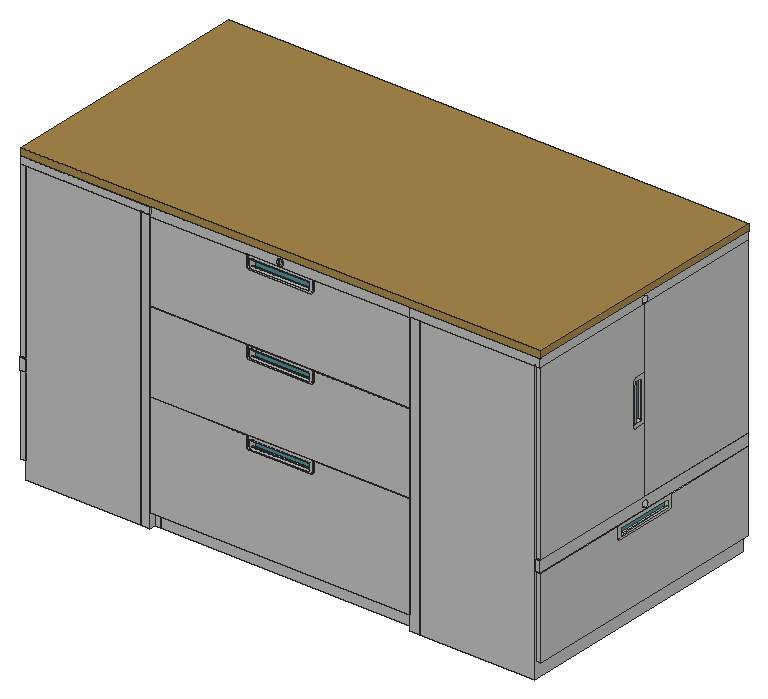
Revit family "Filing_And_Storage-Collaborative_03-Teknion-R2015", category Furniture Systems, Revit 2015 (continued)
Definition of nested family "Storage-Teknion-PLCS_Combo_Cabinet_Standard-R2015"
  Forms (in)
    Extrusion 16, solid, material <- "Handle Exterior Finish", visible <- "District Bottom Handle"
      sketch origin (0, 0, 0) x (0, 1, 0) y (0, 0, 1)
        loop
          line (-9, 6.15149) -> (-9, 6.5845) -> (-9.86603, 6.0845) -> (-9.67853, 5.75974)
          arc (-9.67853, 5.75974) -> (-9.34625, 5.85914) -> (-9, 5.83929) r 1.00175
          line (-9, 5.83929) -> (-9, 6.15149)
      from -3.767 to 3.767
    Extrusion 17, solid
      sketch origin (0, -9, 0) x (-1, 0, 0) y (0, 0, -1)
        loop
          circle (0, -39.53566) r 0.4
        loop
          line (0.06269, -39.75583) -> (0.06269, -39.31548) -> (-0.06269, -39.31548) -> (-0.06269, -39.75583) -> (0.06269, -39.75583)
      from 0 to 0.1
    Extrusion 18, solid, material <- "Handle Exterior Finish", visible <- "Has Interpret Handle Style"
      sketch origin (0, -9, 0) x (-1, 0, 0) y (0, 0, -1)
        loop
          arc (1.5394, -31.768) -> (1.74199, -31.68409) -> (1.8259, -31.4815) r 0.2865
          line (1.8259, -31.4815) -> (1.8259, -25.8185)
          arc (1.8259, -25.8185) -> (1.74199, -25.61591) -> (1.5394, -25.532) r 0.2865
          line (1.5394, -25.532) -> (0.0764, -25.532) -> (0.0764, -31.768) -> (1.5394, -31.768)
      from 0 to 0.044
    Extrusion 19, solid, material <- "Handle Exterior Finish", visible <- "Has Interpret Handle Style"
      sketch origin (0, -9, 0) x (-1, 0, 0) y (0, 0, -1)
        loop
          line (0.0764, -25.532) -> (0.0764, -31.768) -> (0.125, -31.768) -> (0.125, -31.6815) -> (1.54, -31.6815)
          arc (1.54, -31.6815) -> (1.68142, -31.62292) -> (1.74, -31.4815) r 0.2
          line (1.74, -31.4815) -> (1.74, -25.8185)
          arc (1.74, -25.8185) -> (1.68142, -25.67708) -> (1.54, -25.6185) r 0.2
          line (1.54, -25.6185) -> (0.125, -25.6185) -> (0.125, -25.532) -> (0.0764, -25.532)
      from -0.716 to 0
    Extrusion 20, void
      sketch origin (0, 0, 25.6185) x (-1, 0, 0) y (0, -1, 0)
        loop
          line (1.67595, 9.0621) -> (0.47224, 9.0621)
          arc (0.47224, 9.0621) -> (0.48921, 9.05337) -> (0.49198, 9.03449) r 0.02086
          line (0.49198, 9.03449) -> (0.49289, 8.93056) -> (0.46938, 8.89006) -> (0.43191, 8.8817) -> (0.39947, 8.86336) -> (0.35741, 8.81742) -> (0.30104, 8.72802) -> (0.26446, 8.59658) -> (0.26175, 8.37491) -> (1.59006, 8.37491) -> (1.58794, 8.57677) -> (1.58425, 8.62418) -> (1.56265, 8.69969) -> (1.52698, 8.77268) -> (1.48608, 8.82757) -> (1.44235, 8.87066) -> (1.40898, 8.8848) -> (1.36123, 8.91731) -> (1.3573, 8.94835) -> (1.39092, 8.97581) -> (1.67595, 9.0621)
      from 0.412 to 5.651
    Extrusion 21, solid, material <- "Handle Exterior Finish", visible <- "Has Interpret Handle Style"
      sketch origin (0, -9, 0) x (-1, 0, 0) y (0, 0, -1)
        loop
          arc (4.618, -15.25893) -> (4.50265, -14.98045) -> (4.22417, -14.8651) r 0.39383
          line (4.22417, -14.8651) -> (-4.12448, -14.8651)
          arc (-4.12448, -14.8651) -> (-4.47345, -15.00965) -> (-4.618, -15.35862) r 0.49352
          line (-4.618, -15.35862) -> (-4.618, -16.6146) -> (4.618, -16.6146) -> (4.618, -15.25893)
      from 0 to 0.044
    Extrusion 22, solid, material <- "Handle Exterior Finish", visible <- "Has Interpret Handle Style"
      sketch origin (0, -9, 0) x (-1, 0, 0) y (0, 0, -1)
        loop
          line (4.5315, -16.566) -> (4.5315, -15.4185)
          arc (4.5315, -15.4185) -> (4.39457, -15.08793) -> (4.064, -14.951) r 0.4675
          line (4.064, -14.951) -> (-4.064, -14.951)
          arc (-4.064, -14.951) -> (-4.39457, -15.08793) -> (-4.5315, -15.4185) r 0.4675
          line (-4.5315, -15.4185) -> (-4.5315, -16.566) -> (-4.618, -16.566) -> (-4.618, -16.6146) -> (4.09751, -16.6146) -> (4.09751, -16.566) -> (4.5315, -16.566)
      from -0.716 to 0
    Extrusion 23, void
      sketch origin (0, 0, 0) x (0, 1, 0) y (0, 0, 1)
        loop
          line (-9.0621, 15.01505) -> (-8.97581, 15.30008) -> (-8.94835, 15.3337) -> (-8.91731, 15.32977) -> (-8.8848, 15.28202) -> (-8.87066, 15.24865) -> (-8.82757, 15.20492) -> (-8.77268, 15.16402) -> (-8.69969, 15.12835) -> (-8.62418, 15.10675) -> (-8.57677, 15.10306) -> (-8.37491, 15.10094) -> (-8.37491, 16.42925) -> (-8.59658, 16.42654) -> (-8.72802, 16.38996) -> (-8.81742, 16.33359) -> (-8.86336, 16.29153) -> (-8.8817, 16.25909) -> (-8.89006, 16.22162) -> (-8.93056, 16.19811) -> (-9.03449, 16.19902)
          arc (-9.03449, 16.19902) -> (-9.05337, 16.20179) -> (-9.0621, 16.21876) r 0.02086
          line (-9.0621, 16.21876) -> (-9.0621, 15.01505)
      from -4.1195 to 4.1195
    Extrusion 24, solid, material <- "Handle Exterior Finish", visible <- "Interpret Bottom Handle"
      sketch origin (0, -9, 0) x (-1, 0, 0) y (0, 0, -1)
        loop
          arc (4.618, -5.41604) -> (4.49588, -5.12122) -> (4.20106, -4.9991) r 0.41694
          line (4.20106, -4.9991) -> (-4.27936, -4.9991)
          arc (-4.27936, -4.9991) -> (-4.51882, -5.09828) -> (-4.618, -5.33774) r 0.33864
          line (-4.618, -5.33774) -> (-4.618, -6.7486) -> (4.618, -6.7486) -> (4.618, -5.41604)
      from 0 to 0.044
    Extrusion 25, solid, material <- "Handle Exterior Finish", visible <- "Interpret Bottom Handle"
      sketch origin (0, -9, 0) x (-1, 0, 0) y (0, 0, -1)
        loop
          line (4.5315, -6.7) -> (4.5315, -5.5525)
          arc (4.5315, -5.5525) -> (4.39457, -5.22193) -> (4.064, -5.085) r 0.4675
          line (4.064, -5.085) -> (-4.064, -5.085)
          arc (-4.064, -5.085) -> (-4.39457, -5.22193) -> (-4.5315, -5.5525) r 0.4675
          line (-4.5315, -5.5525) -> (-4.5315, -6.7) -> (-4.618, -6.7) -> (-4.618, -6.7486) -> (4.618, -6.7486) -> (4.618, -6.7) -> (4.5315, -6.7)
      from -0.716 to 0
    Extrusion 26, void
      sketch origin (0, 0, 0) x (0, 1, 0) y (0, 0, 1)
        loop
          line (-9.0621, 5.14905) -> (-8.97581, 5.43408) -> (-8.94835, 5.4677) -> (-8.91731, 5.46377) -> (-8.8848, 5.41602) -> (-8.87066, 5.38265) -> (-8.82757, 5.33892) -> (-8.77268, 5.29802) -> (-8.69969, 5.26235) -> (-8.62418, 5.24075) -> (-8.57677, 5.23706) -> (-8.37491, 5.23494) -> (-8.37491, 6.56325) -> (-8.59658, 6.56054) -> (-8.72802, 6.52396) -> (-8.81742, 6.46759) -> (-8.86336, 6.42553) -> (-8.8817, 6.39309) -> (-8.89006, 6.35562) -> (-8.93056, 6.33211) -> (-9.03449, 6.33302)
          arc (-9.03449, 6.33302) -> (-9.05337, 6.33579) -> (-9.0621, 6.35276) r 0.02086
          line (-9.0621, 6.35276) -> (-9.0621, 5.14905)
      from -4.1195 to 4.1195
    Extrusion 27, solid
      sketch origin (0, -9, 0) x (-1, 0, 0) y (0, 0, -1)
        loop
          circle (0, -17.45) r 0.4
        loop
          line (0.0627, -17.66109) -> (0.0627, -17.23891) -> (-0.0627, -17.23891) -> (-0.0627, -17.66109) -> (0.0627, -17.66109)
      from 0 to 0.1
  Cuts and joins
    Extrusion 3 cuts Extrusion 1
    Extrusion 3, Extrusion 15 cuts Extrusion 2
    Extrusion 13 cuts Extrusion 6
    Extrusion 13 cuts Extrusion 11
    Extrusion 14, Extrusion 20 cuts Extrusion 9
    Extrusion 14, Extrusion 15, Extrusion 20 cuts Extrusion 10
    Extrusion 14 cuts Extrusion 12
    Extrusion 15, Extrusion 20 cuts Extrusion 8
    Extrusion 20 cuts Extrusion 18
    Extrusion 20 cuts Extrusion 19
    joined: Extrusion 18, Extrusion 19
    Extrusion 20 cuts Extrusion 16
    Extrusion 23 cuts Extrusion 21
    Extrusion 23 cuts Extrusion 22
    joined: Extrusion 21, Extrusion 22
    Extrusion 26 cuts Extrusion 24
    Extrusion 26 cuts Extrusion 25
    joined: Extrusion 24, Extrusion 25
  Lines and regions (in)
    Masking region 1
      outline origin (0, 0, 2.322) x (-1, 0, 0) y (0, -1, 0)
        loop
          line (12, -9) -> (12, 9) -> (1.25, 9) -> (-12, 9) -> (-12, -9) -> (12, -9)
    Masking region 2, visible <- "Has Interpret Handle Style"
      outline origin (0, 0, 2.322) x (-1, 0, 0) y (0, -1, 0)
        loop
          line (4.618, 9.044) -> (-4.618, 9.044) -> (-4.618, 9) -> (4.618, 9) -> (4.618, 9.044)
    Masking region 3, visible <- "Has District Handle Style"
      outline origin (0, 0, 2.322) x (-1, 0, 0) y (0, -1, 0)
        loop
          line (3.767, 9) -> (3.767, 9.86603) -> (-3.767, 9.86603) -> (-3.767, 9) -> (3.767, 9)
    symbolic lines, detail levels medium+fine
      curve 1: line (11.25, 7.73, 2.322) -> (11.25, -8.284, 2.322)
      curve 2: line (11.9375, -8.284, 2.322) -> (-11.9375, -8.284, 2.322)
      curve 3: line (-11.25, -8.284, 2.322) -> (-11.25, 7.73, 2.322)
      curve 4: line (-12, 7.73, 2.322) -> (12, 7.73, 2.322)
      curve 5: line (-11.9375, -8.284, 2.322) -> (-11.9375, -9, 2.322)
      curve 6: line (11.9375, -8.284, 2.322) -> (11.9375, -9, 2.322)
      curve 7: line (0.125, -8.284, 2.322) -> (0.125, -9, 2.322)
      curve 8: line (-0.125, -8.284, 2.322) -> (-0.125, -8.79995, 2.322)
    symbolic lines
      curve 9: line (-0.39983, -9, 2.322) -> (-0.39983, -9.1, 2.322)
      curve 10: line (-0.39983, -9.1, 2.322) -> (0.4, -9.1, 2.322)
      curve 11: line (0.4, -9.1, 2.322) -> (0.4, -9, 2.322)
    symbolic lines, visible <- "Has District Handle Style"
      curve 12: line (-0.7405, -9.86603, 2.322) -> (-0.2405, -9, 2.322)
      curve 13: line (-1.06526, -9.67853, 2.322) -> (-0.7405, -9.86603, 2.322)
      curve 14: arc (-0.98571, -9, 2.322) -> (-0.96586, -9.34625, 2.322) -> (-1.06526, -9.67853, 2.322) r 1.00175
    symbolic lines, visible <- "Has Interpret Handle Style", detail levels medium+fine
      curve 15: line (-4.618, -8.284, 2.322) -> (-4.618, -9, 2.322)
      curve 16: line (4.618, -8.284, 2.322) -> (4.618, -9, 2.322)
      curve 17: line (-1.8259, -9, 2.322) -> (-1.8259, -9.044, 2.322)
      curve 19: line (-0.0764, -8.284, 2.322) -> (-0.0764, -9.044, 2.322)
    symbolic lines, visible <- "Interpret Bottom Handle", detail levels medium+fine
      curve 18: line (-1.74, -9, 2.322) -> (-1.74, -8.284, 2.322)
    symbolic lines, visible <- "Has Interpret Handle Style", detail levels fine
      curve 20: line (-4.1195, -8.37491, 2.322) -> (-4.1195, -9.044, 2.322)
      curve 21: line (4.1195, -8.37491, 2.322) -> (-4.1195, -8.37491, 2.322)
      curve 22: line (4.1195, -9.044, 2.322) -> (4.1195, -8.37491, 2.322)
      curve 23: line (-1.59006, -8.37491, 2.322) -> (-1.58794, -8.57677, 2.322)
      curve 24: line (-1.58794, -8.57677, 2.322) -> (-1.58425, -8.62418, 2.322)
      curve 25: line (-1.58425, -8.62418, 2.322) -> (-1.56265, -8.69969, 2.322)
      curve 26: line (-1.56265, -8.69969, 2.322) -> (-1.52698, -8.77268, 2.322)
      curve 27: line (-1.52698, -8.77268, 2.322) -> (-1.48608, -8.82757, 2.322)
      curve 28: line (-1.48608, -8.82757, 2.322) -> (-1.44235, -8.87066, 2.322)
      curve 29: line (-1.44235, -8.87066, 2.322) -> (-1.40898, -8.8848, 2.322)
      curve 30: line (-1.40898, -8.8848, 2.322) -> (-1.36123, -8.91731, 2.322)
      curve 31: line (-1.36123, -8.91731, 2.322) -> (-1.3573, -8.94835, 2.322)
      curve 32: line (-1.3573, -8.94835, 2.322) -> (-1.39092, -8.97581, 2.322)
      curve 33: line (-1.39092, -8.97581, 2.322) -> (-1.61617, -9.044, 2.322)
      curve 34: line (-0.49198, -9.03449, 2.322) -> (-0.49289, -8.93056, 2.322)
      curve 35: line (-0.49289, -8.93056, 2.322) -> (-0.46938, -8.89006, 2.322)
      curve 36: line (-0.46938, -8.89006, 2.322) -> (-0.43191, -8.8817, 2.322)
      curve 37: line (-0.43191, -8.8817, 2.322) -> (-0.39947, -8.86336, 2.322)
      curve 38: line (-0.39947, -8.86336, 2.322) -> (-0.35741, -8.81742, 2.322)
      curve 39: line (-0.35741, -8.81742, 2.322) -> (-0.30104, -8.72802, 2.322)
      curve 40: line (-0.30104, -8.72802, 2.322) -> (-0.26446, -8.59658, 2.322)
      curve 41: line (-0.26446, -8.59658, 2.322) -> (-0.26175, -8.37491, 2.322)
    reference lines, not visible
      curve 42: line (-12, 9, 0) -> (-12, -9, 0)
      curve 43: line (-12, 9, 0) -> (12, 9, 0)
      curve 44: line (12, 9, 0) -> (12, -9, 0)
      curve 45: line (12, -9, 0) -> (-12, -9, 0)
  Dimensions and locks (in)
    "Width": plane 4 "Left" to plane 5 "Right"
    "Depth": plane 6 "Back" to plane 7 "Front"
    "Height": plane 8 "Top" to level
    equal spacing: plane 7 "Front", plane 1 "Center Front/Back", plane 6 "Back"
    equal spacing: plane 4 "Left", plane 3 "Center Left/Right", plane 5 "Right"
    locked: plane 6 "Back" to plane 9 "Back Pannel Depth" at 1.27
    locked: plane 8 "Top" to plane 10 "Top Pannel Depth" at 1
    locked: plane 7 "Front" to plane 11 "Drawer Depth" at 0.716
    "Combination Divider Height": plane 12 "Combination Divider Height" to level
    locked: plane 12 "Combination Divider Height" to plane 13 "Combination Divider Depth" at 1.5
    locked: plane 4 "Left" to plane 15 "Main Body Left Side Depth" at 0.75
    locked: plane 16 "Main Body Right Side Depth" to plane 5 "Right" at 0.75
    locked: plane 14 "Void Space Cutout" to level at 2.322
    locked: plane 4 "Left" to Extrusion 6 sketch curve at 0.0625
    locked: Extrusion 6 sketch curve to plane 3 "Center Left/Right" at 0.125
    locked: plane 3 "Center Left/Right" to Extrusion 7 sketch curve at 0.125
    locked: Extrusion 7 sketch curve to plane 5 "Right" at 0.0625
    "Drawer Split Length": plane 13 "Combination Divider Depth" to plane 17 "Mid Drawer Split"
    locked: Extrusion 8 sketch curve to plane 5 "Right" at 0.0625
    locked: plane 4 "Left" to Extrusion 8 sketch curve at 0.0625
    locked: Extrusion 9 sketch curve to plane 5 "Right" at 0.0625
    locked: plane 4 "Left" to Extrusion 9 sketch curve at 0.0625
    locked: plane 13 "Combination Divider Depth" to plane 18 "Drawer Gap" at 0.134
    locked: plane 4 "Left" to Extrusion 10 sketch curve at 0.0625
    locked: Extrusion 10 sketch curve to plane 5 "Right" at 0.0625
    "Top District Handle Datum": plane 19 "Top District Handle Datum" to level
    locked: Extrusion 10 to plane 18 "Drawer Gap" at 0
    locked: Extrusion 10 to plane 7 "Front" at 0
    "Top Interpret Handle Datum": plane 21 "Top Interpret Handle Datum" to level
    locked: Extrusion 13 sketch curve to Extrusion 13 sketch curve at 6.063
    locked: Extrusion 13 sketch curve to Extrusion 13 sketch curve at 1.615
    locked: plane 20 "Interpret Handle Cut Plane" to plane 7 "Front" at 3
    locked: Extrusion 14 sketch curve to Extrusion 14 sketch curve at 1.615
    locked: Extrusion 14 sketch curve to Extrusion 14 sketch curve at 9.063
    locked: Extrusion 15 sketch curve to Extrusion 15 sketch curve at 1.615
    Extrusion 15 sketch curve to plane 3 "Center Left/Right" to Extrusion 15 sketch curve = 4.5315" locked, 4.5315" locked
    plane 17 "Mid Drawer Split" to Extrusion 16 sketch curve = 0.1155"
    locked: cut or joined group of Extrusion 8, Extrusion 15, Extrusion 20 to plane 7 "Front" at 0
    locked: plane 8 "Top" to Extrusion 17 sketch curve at 0.46434
    Extrusion 17 sketch curve to plane 3 "Center Left/Right" to Extrusion 17 sketch curve = 0.06269" locked, 0.06269" locked
    plane 8 "Top" to Extrusion 17 sketch curve to Extrusion 17 sketch curve = 0.24417" locked, 0.44035" locked
    locked: Extrusion 18 sketch curve to Extrusion 18 sketch curve at 6.236
    locked: Extrusion 18 sketch curve to Extrusion 18 sketch curve at 1.7495
    locked: plane 21 "Top Interpret Handle Datum" to Extrusion 18 sketch curve at 0.0865
    locked: Extrusion 18 sketch curve to plane 3 "Center Left/Right" at 0.0764
    locked: Extrusion 20 sketch curve to plane 3 "Center Left/Right" at 0.26175
    locked: plane 7 "Front" to Extrusion 20 sketch curve at 0.62509
    locked: Extrusion 21 sketch curve to Extrusion 21 sketch curve at 9.236
    locked: Extrusion 21 sketch curve to Extrusion 21 sketch curve at 1.7495
    locked: Extrusion 14 to Extrusion 21 sketch curve at 0.0865
    locked: Extrusion 21 sketch curve to plane 18 "Drawer Gap" at 0.0486
    locked: Extrusion 22 sketch curve to plane 18 "Drawer Gap" at 0
    locked: Extrusion 22 sketch curve to plane 3 "Center Left/Right" at 4.618
    locked: plane 18 "Drawer Gap" to Extrusion 23 sketch curve at 0.13675
    locked: Extrusion 23 sketch curve to plane 7 "Front" at 0.62509
    locked: Extrusion 24 sketch curve to Extrusion 24 sketch curve at 9.236
    locked: Extrusion 24 sketch curve to Extrusion 24 sketch curve at 1.7495
    locked: Extrusion 24 sketch curve to plane 17 "Mid Drawer Split" at 0.0486
    locked: Extrusion 25 sketch curve to plane 17 "Mid Drawer Split" at 0.0486
    locked: plane 17 "Mid Drawer Split" to Extrusion 26 sketch curve at 0.13675
    locked: Extrusion 26 sketch curve to plane 7 "Front" at 0.62509
    equal spacing: plane 12 "Combination Divider Height", Extrusion 27 sketch curve, plane 13 "Combination Divider Depth", locked at 0.75 each
    locked: Extrusion 27 sketch curve to Extrusion 27 sketch curve at 0.1254
    Extrusion 27 sketch curve to plane 3 "Center Left/Right" to Extrusion 27 sketch curve = 0.400" locked, 0.400"
    equal spacing: Extrusion 27 sketch curve, plane 3 "Center Left/Right", Extrusion 27 sketch curve, locked at 0.0627 each
    equal spacing: Extrusion 27 sketch curve, Extrusion 27 sketch curve, Extrusion 27 sketch curve, locked at 0.21109 each
    Extrusion 27 sketch curve to Extrusion 27 sketch curve = 0.42218"
    locked: curve 17 to plane 3 "Center Left/Right" at 1.8259
    locked: cut or joined group of Extrusion 6, Extrusion 13 to plane 12 "Combination Divider Height" at 0.1
    locked: Extrusion 7 to plane 12 "Combination Divider Height" at 0.1
    locked: cut or joined group of Extrusion 9, Extrusion 14, Extrusion 20 to plane 17 "Mid Drawer Split" at 0.134
    locked: plane 7 "Front" to Extrusion 27 at 0.1
    locked: plane 7 "Front" to Extrusion 17 at 0.1
    locked: Extrusion 11 sketch curve to plane 3 "Center Left/Right" at 0.2405
    locked: Extrusion 11 sketch curve to Extrusion 11 sketch curve at 1
    locked: Extrusion 11 sketch curve to Extrusion 11 sketch curve at 0.375
    locked: Extrusion 11 sketch curve to Extrusion 11 sketch curve at 0.3122
    locked: Extrusion 11 sketch curve to Extrusion 11 sketch curve at 0.43301
    locked: cut or joined group of Extrusion 11, Extrusion 13 to cut or joined group of Extrusion 11, Extrusion 13 at 4.9546
    locked: cut or joined group of Extrusion 24, Extrusion 25, Extrusion 26 to cut or joined group of Extrusion 24, Extrusion 25, Extrusion 26 at 0.044
    locked: cut or joined group of Extrusion 21, Extrusion 22, Extrusion 23 to cut or joined group of Extrusion 21, Extrusion 22, Extrusion 23 at 0.044
    locked: plane 3 "Center Left/Right" to Extrusion 14 sketch curve at 4.5315
    locked: Extrusion 22 sketch curve to Extrusion 22 sketch curve at 1.6636
    locked: Extrusion 22 sketch curve to Extrusion 22 sketch curve at 9.063
    plane 12 "Combination Divider Height" to Extrusion 22 = 3.249"
    locked: cut or joined group of Extrusion 18, Extrusion 19, Extrusion 20 to cut or joined group of Extrusion 18, Extrusion 19, Extrusion 20 at 0.044
    locked: Extrusion 25 sketch curve to Extrusion 25 sketch curve at 9.063
    locked: Extrusion 25 sketch curve to Extrusion 25 sketch curve at 1.615
    locked: Extrusion 25 sketch curve to Extrusion 25 sketch curve at 0.0486
    locked: Extrusion 25 sketch curve to Extrusion 25 sketch curve at 9.236
    radius of cut or joined group of Extrusion 11, Extrusion 13 = 1.00175"
    radius of Extrusion 22 sketch curve = 0.4675"
    aligned and locked: level to plane 2
    aligned and locked: plane 10 "Top Pannel Depth" to Extrusion 1
    aligned and locked: plane 11 "Drawer Depth" to Extrusion 2 sketch curve
    aligned and locked: plane 5 "Right" to Extrusion 2 sketch curve
    aligned and locked: Extrusion 1 sketch curve to plane 6 "Back"
    aligned and locked: plane 4 "Left" to Extrusion 1 sketch curve
    aligned and locked: plane 9 "Back Pannel Depth" to Extrusion 1 sketch curve
    aligned and locked: plane 5 "Right" to Extrusion 1 sketch curve
    aligned and locked: plane 10 "Top Pannel Depth" to Extrusion 2
    aligned and locked: Extrusion 2 to level
    aligned and locked: Extrusion 1 to level
    aligned and locked: Extrusion 3 sketch curve to plane 16 "Main Body Right Side Depth"
    aligned and locked: Extrusion 3 sketch curve to plane 9 "Back Pannel Depth"
    aligned and locked: plane 15 "Main Body Left Side Depth" to Extrusion 3 sketch curve
    aligned and locked: plane 11 "Drawer Depth" to Extrusion 3 sketch curve
    aligned and locked: plane 10 "Top Pannel Depth" to Extrusion 3
    aligned and locked: Extrusion 4 sketch curve to plane 6 "Back"
    aligned and locked: plane 4 "Left" to Extrusion 4 sketch curve
    aligned and locked: Extrusion 4 sketch curve to plane 7 "Front"
    aligned and locked: plane 5 "Right" to Extrusion 4 sketch curve
    aligned and locked: plane 8 "Top" to Extrusion 4
    aligned and locked: plane 4 "Left" to Extrusion 5 sketch curve
    aligned and locked: Extrusion 5 sketch curve to plane 11 "Drawer Depth"
    aligned and locked: Extrusion 5 sketch curve to plane 7 "Front"
    aligned and locked: plane 5 "Right" to Extrusion 5 sketch curve
    aligned and locked: plane 12 "Combination Divider Height" to Extrusion 5
    aligned and locked: Extrusion 5 to plane 13 "Combination Divider Depth"
    aligned and locked: Extrusion 6 sketch curve to plane 11 "Drawer Depth"
    aligned and locked: Extrusion 6 sketch curve to plane 7 "Front"
    aligned and locked: plane 10 "Top Pannel Depth" to Extrusion 6
    aligned and locked: Extrusion 7 sketch curve to plane 11 "Drawer Depth"
    aligned and locked: Extrusion 7 sketch curve to plane 7 "Front"
    aligned and locked: plane 10 "Top Pannel Depth" to Extrusion 7
    aligned and locked: Extrusion 8 sketch curve to plane 11 "Drawer Depth"
    aligned and locked: Extrusion 8 sketch curve to plane 7 "Front"
    aligned and locked: plane 17 "Mid Drawer Split" to Extrusion 8
    aligned and locked: Extrusion 9 sketch curve to plane 11 "Drawer Depth"
    aligned and locked: Extrusion 9 sketch curve to plane 7 "Front"
    aligned and locked: plane 18 "Drawer Gap" to Extrusion 9
    aligned and locked: Extrusion 10 sketch curve to plane 11 "Drawer Depth"
    aligned and locked: Extrusion 10 sketch curve to plane 7 "Front"
    aligned and locked: Extrusion 10 to Extrusion 9
    aligned and locked: plane 21 "Top Interpret Handle Datum" to Extrusion 13 sketch curve
    aligned and locked: Extrusion 13 sketch curve to cut or joined group of Extrusion 6, Extrusion 13
    aligned and locked: Extrusion 15 sketch curve to plane 17 "Mid Drawer Split"
    aligned and locked: Extrusion 19 sketch curve to Extrusion 13  (x2)
    aligned and locked: cut or joined group of Extrusion 6, Extrusion 13 to Extrusion 19 sketch curve  (x2)
    aligned and locked: Extrusion 19 sketch curve to Extrusion 18  (x3)
    aligned and locked: Extrusion 19 sketch curve to plane 21 "Top Interpret Handle Datum"
    aligned and locked: plane 11 "Drawer Depth" to Extrusion 19
    aligned and locked: Extrusion 22 sketch curve to Extrusion 14
    aligned and locked: Masking region 1 sketch curve to plane 6 "Back"
    aligned and locked: plane 5 "Right" to Masking region 1 sketch curve
    aligned and locked: plane 4 "Left" to Masking region 1 sketch curve
    aligned and locked: Masking region 1 sketch curve to plane 7 "Front"
    aligned and locked: Masking region 3 sketch curve to cut or joined group of Extrusion 12, Extrusion 14  (x4)
    aligned and locked: curve 4 to plane 9 "Back Pannel Depth"
    aligned and locked: plane 15 "Main Body Left Side Depth" to curve 3
    aligned and locked: curve 1 to plane 16 "Main Body Right Side Depth"
    aligned and locked: plane 11 "Drawer Depth" to curve 2
    aligned and locked: curve 6 to Extrusion 7
    aligned and locked: curve 5 to cut or joined group of Extrusion 6, Extrusion 13
    aligned and locked: curve 7 to Extrusion 7
    aligned and locked: curve 8 to cut or joined group of Extrusion 6, Extrusion 13
    aligned and locked: Extrusion 17 to curve 10
    aligned and locked: curve 12 to cut or joined group of Extrusion 11, Extrusion 13
    aligned and locked: curve 13 to cut or joined group of Extrusion 11, Extrusion 13
    aligned and locked: curve 14 to cut or joined group of Extrusion 11, Extrusion 13
    aligned and locked: cut or joined group of Extrusion 6, Extrusion 13 to curve 18
    aligned and locked: curve 19 to cut or joined group of Extrusion 18, Extrusion 19, Extrusion 20
    aligned and locked: curve 20 to cut or joined group of Extrusion 21, Extrusion 22, Extrusion 23
    aligned and locked: curve 21 to cut or joined group of Extrusion 21, Extrusion 22, Extrusion 23
    aligned and locked: curve 22 to cut or joined group of Extrusion 21, Extrusion 22, Extrusion 23
    aligned and locked: curve 23 to cut or joined group of Extrusion 18, Extrusion 19, Extrusion 20
    aligned and locked: curve 24 to cut or joined group of Extrusion 18, Extrusion 19, Extrusion 20
    aligned and locked: curve 25 to cut or joined group of Extrusion 18, Extrusion 19, Extrusion 20
    aligned and locked: curve 26 to cut or joined group of Extrusion 18, Extrusion 19, Extrusion 20
    aligned and locked: curve 27 to cut or joined group of Extrusion 18, Extrusion 19, Extrusion 20
    aligned and locked: curve 28 to cut or joined group of Extrusion 18, Extrusion 19, Extrusion 20
    aligned and locked: curve 29 to cut or joined group of Extrusion 18, Extrusion 19, Extrusion 20
    aligned and locked: curve 30 to cut or joined group of Extrusion 18, Extrusion 19, Extrusion 20
    aligned and locked: curve 31 to cut or joined group of Extrusion 18, Extrusion 19, Extrusion 20
    aligned and locked: curve 32 to cut or joined group of Extrusion 18, Extrusion 19, Extrusion 20
    aligned and locked: curve 33 to cut or joined group of Extrusion 18, Extrusion 19, Extrusion 20
    aligned and locked: curve 34 to cut or joined group of Extrusion 18, Extrusion 19, Extrusion 20
    aligned and locked: curve 35 to cut or joined group of Extrusion 18, Extrusion 19, Extrusion 20
    aligned and locked: curve 36 to cut or joined group of Extrusion 18, Extrusion 19, Extrusion 20
    aligned and locked: curve 37 to cut or joined group of Extrusion 18, Extrusion 19, Extrusion 20
    aligned and locked: curve 38 to cut or joined group of Extrusion 18, Extrusion 19, Extrusion 20
    aligned and locked: curve 39 to cut or joined group of Extrusion 18, Extrusion 19, Extrusion 20
    aligned and locked: curve 42 to plane 4 "Left"
    aligned and locked: curve 45 to plane 7 "Front"
    aligned and locked: plane 5 "Right" to curve 44
    aligned and locked: curve 43 to plane 6 "Back"
    aligned and locked: Extrusion 4 to plane 10 "Top Pannel Depth"
    aligned and locked: Extrusion 10 to plane 14 "Void Space Cutout"
    aligned and locked: Extrusion 27 to plane 7 "Front"
    aligned and locked: Extrusion 17 to plane 7 "Front"
    aligned and locked: plane 9 "Back Pannel Depth" to Extrusion 2
    aligned and locked: Extrusion 11 to plane 19 "Top District Handle Datum"
    aligned and locked: Extrusion 24 to plane 7 "Front"
    aligned and locked: plane 11 "Drawer Depth" to Extrusion 25
    aligned and locked: plane 7 "Front" to Extrusion 25
    aligned and locked: Extrusion 21 to plane 7 "Front"
    aligned and locked: plane 7 "Front" to Extrusion 22
    aligned and locked: plane 11 "Drawer Depth" to Extrusion 22
    aligned and locked: plane 7 "Front" to Extrusion 19
    aligned and locked: plane 18 "Drawer Gap" to Extrusion 14 sketch curve
    aligned and locked: Extrusion 18 to plane 7 "Front"
  Automatic sketch dimensions
    plane 7 "Front" to Extrusion 11 sketch curve = 0.000"
    Extrusion 11 sketch curve to Extrusion 11 sketch curve = 0.32476"
    plane 7 "Front" to Extrusion 11 sketch curve = 0.22961"
    Extrusion 12 sketch curve to plane 7 "Front" = 0.000"
    Extrusion 12 sketch curve to plane 18 "Drawer Gap" = 0.1155"
    plane 7 "Front" to Extrusion 12 sketch curve = 0.22961"
    plane 7 "Front" to Extrusion 12 sketch curve = 0.67853"
    Extrusion 12 sketch curve to plane 18 "Drawer Gap" = 0.6155"
    Extrusion 12 sketch curve to Extrusion 12 sketch curve = 0.1875"
    Extrusion 12 sketch curve to Extrusion 12 sketch curve = 0.89553"
    Extrusion 12 sketch curve to Extrusion 12 sketch curve = 0.3122"
    plane 21 "Top Interpret Handle Datum" to Extrusion 13 sketch curve = 0.200"
    Extrusion 13 sketch curve to Extrusion 13 sketch curve = 0.200"
    Extrusion 15 sketch curve to Extrusion 15 sketch curve = 0.4675"
    Extrusion 15 sketch curve to Extrusion 15 sketch curve = 1.1475"
    plane 7 "Front" to Extrusion 16 sketch curve = 0.86603"
    Extrusion 16 sketch curve to Extrusion 16 sketch curve = 0.1875"
    plane 7 "Front" to Extrusion 16 sketch curve = 0.22961"
    plane 7 "Front" to Extrusion 16 sketch curve = 0.000"
    Extrusion 16 sketch curve to Extrusion 16 sketch curve = 0.89553"
    Extrusion 16 sketch curve to Extrusion 16 sketch curve = 0.32476"
    Extrusion 16 sketch curve to Extrusion 16 sketch curve = 0.3122"
    Extrusion 17 sketch curve to plane 3 "Center Left/Right" = 0.000"
    Extrusion 18 sketch curve to Extrusion 18 sketch curve = 0.2865"
    Extrusion 18 sketch curve to plane 21 "Top Interpret Handle Datum" = 0.200"
    Extrusion 19 sketch curve to Extrusion 19 sketch curve = 0.0486"
    Extrusion 19 sketch curve to plane 21 "Top Interpret Handle Datum" = 0.200"
    Extrusion 19 sketch curve to Extrusion 19 sketch curve = 0.200"
    Extrusion 20 sketch curve to Extrusion 20 sketch curve = 0.00271"
    Extrusion 20 sketch curve to Extrusion 20 sketch curve = 0.03657"
    Extrusion 20 sketch curve to Extrusion 20 sketch curve = 0.05637"
    Extrusion 20 sketch curve to plane 7 "Front" = 0.13664"
    Extrusion 20 sketch curve to Extrusion 20 sketch curve = 0.04206"
    Extrusion 20 sketch curve to plane 7 "Front" = 0.1183"
    Extrusion 20 sketch curve to Extrusion 20 sketch curve = 0.03244"
    Extrusion 20 sketch curve to plane 7 "Front" = 0.10994"
    Extrusion 20 sketch curve to Extrusion 20 sketch curve = 0.03747"
    plane 7 "Front" to Extrusion 20 sketch curve = 0.0621"
    Extrusion 20 sketch curve to Extrusion 20 sketch curve = 0.00286"
    plane 7 "Front" to Extrusion 20 sketch curve = 0.03449"
    Extrusion 20 sketch curve to Extrusion 20 sketch curve = 0.01974"
    Extrusion 20 sketch curve to plane 7 "Front" = 0.06944"
    Extrusion 20 sketch curve to Extrusion 20 sketch curve = 0.02351"
    Extrusion 20 sketch curve to plane 7 "Front" = 0.05165"
    Extrusion 20 sketch curve to Extrusion 20 sketch curve = 0.86441"
    Extrusion 20 sketch curve to plane 7 "Front" = 0.08269"
    Extrusion 20 sketch curve to Extrusion 20 sketch curve = 0.00394"
    Extrusion 20 sketch curve to plane 7 "Front" = 0.02419"
    Extrusion 20 sketch curve to Extrusion 20 sketch curve = 0.03363"
    Extrusion 20 sketch curve to plane 7 "Front" = 0.1152"
    Extrusion 20 sketch curve to Extrusion 20 sketch curve = 0.04775"
    Extrusion 20 sketch curve to plane 7 "Front" = 0.12934"
    Extrusion 20 sketch curve to Extrusion 20 sketch curve = 0.03337"
    Extrusion 20 sketch curve to plane 7 "Front" = 0.17243"
    Extrusion 20 sketch curve to Extrusion 20 sketch curve = 0.04373"
    Extrusion 20 sketch curve to plane 7 "Front" = 0.22732"
    Extrusion 20 sketch curve to Extrusion 20 sketch curve = 0.0409"
    Extrusion 20 sketch curve to plane 7 "Front" = 0.30031"
    Extrusion 20 sketch curve to Extrusion 20 sketch curve = 0.03567"
    Extrusion 20 sketch curve to plane 11 "Drawer Depth" = 0.34018"
    Extrusion 20 sketch curve to Extrusion 20 sketch curve = 0.0216"
    Extrusion 20 sketch curve to plane 11 "Drawer Depth" = 0.29277"
    Extrusion 20 sketch curve to Extrusion 20 sketch curve = 0.00369"
    Extrusion 20 sketch curve to Extrusion 20 sketch curve = 0.00211"
    Extrusion 20 sketch curve to Extrusion 20 sketch curve = 0.28503"
    Extrusion 20 sketch curve to Extrusion 20 sketch curve = 0.22167"
    Extrusion 20 sketch curve to Extrusion 20 sketch curve = 0.13144"
    Extrusion 20 sketch curve to Extrusion 20 sketch curve = 0.04595"
    Extrusion 21 sketch curve to Extrusion 21 sketch curve = 0.49352"
    Extrusion 21 sketch curve to Extrusion 21 sketch curve = 0.39383"
    plane 7 "Front" to Extrusion 23 sketch curve = 0.0621"
    Extrusion 23 sketch curve to Extrusion 23 sketch curve = 0.02086"
    Extrusion 23 sketch curve to Extrusion 23 sketch curve = 0.00674"
    Extrusion 23 sketch curve to Extrusion 23 sketch curve = 0.08628"
    Extrusion 23 sketch curve to Extrusion 23 sketch curve = 0.02746"
    Extrusion 23 sketch curve to Extrusion 23 sketch curve = 0.10393"
    Extrusion 23 sketch curve to Extrusion 23 sketch curve = 0.03105"
    Extrusion 23 sketch curve to Extrusion 23 sketch curve = 0.0405"
    Extrusion 23 sketch curve to Extrusion 23 sketch curve = 0.03251"
    Extrusion 23 sketch curve to Extrusion 23 sketch curve = 0.00836"
    Extrusion 23 sketch curve to Extrusion 23 sketch curve = 0.01413"
    Extrusion 23 sketch curve to Extrusion 23 sketch curve = 0.01834"
    Extrusion 23 sketch curve to Extrusion 23 sketch curve = 0.0431"
    Extrusion 23 sketch curve to Extrusion 23 sketch curve = 0.04595"
    Extrusion 23 sketch curve to Extrusion 23 sketch curve = 0.05489"
    Extrusion 23 sketch curve to Extrusion 23 sketch curve = 0.0894"
    Extrusion 23 sketch curve to Extrusion 23 sketch curve = 0.07299"
    Extrusion 23 sketch curve to Extrusion 23 sketch curve = 0.07551"
    Extrusion 23 sketch curve to Extrusion 23 sketch curve = 0.13144"
    Extrusion 23 sketch curve to Extrusion 23 sketch curve = 0.04741"
    Extrusion 23 sketch curve to Extrusion 23 sketch curve = 0.00211"
    Extrusion 23 sketch curve to Extrusion 23 sketch curve = 0.00369"
    Extrusion 23 sketch curve to Extrusion 23 sketch curve = 0.0216"
    Extrusion 23 sketch curve to Extrusion 23 sketch curve = 0.03567"
    Extrusion 23 sketch curve to Extrusion 23 sketch curve = 0.0409"
    Extrusion 23 sketch curve to Extrusion 23 sketch curve = 0.04373"
    Extrusion 23 sketch curve to Extrusion 23 sketch curve = 0.03337"
    Extrusion 23 sketch curve to Extrusion 23 sketch curve = 0.01806"
    Extrusion 23 sketch curve to Extrusion 23 sketch curve = 0.04775"
    Extrusion 23 sketch curve to Extrusion 23 sketch curve = 0.00394"
    Extrusion 23 sketch curve to Extrusion 23 sketch curve = 0.86441"
    Extrusion 23 sketch curve to Extrusion 23 sketch curve = 0.00091"
    Extrusion 23 sketch curve to Extrusion 23 sketch curve = 0.02351"
    Extrusion 23 sketch curve to Extrusion 23 sketch curve = 0.03747"
    Extrusion 23 sketch curve to Extrusion 23 sketch curve = 0.03244"
    Extrusion 23 sketch curve to Extrusion 23 sketch curve = 0.04206"
    Extrusion 23 sketch curve to Extrusion 23 sketch curve = 0.05637"
    Extrusion 23 sketch curve to Extrusion 23 sketch curve = 0.03657"
    Extrusion 23 sketch curve to Extrusion 23 sketch curve = 0.00271"
    Extrusion 23 sketch curve to Extrusion 23 sketch curve = 0.08589"
    Extrusion 24 sketch curve to Extrusion 24 sketch curve = 0.33864"
    Extrusion 24 sketch curve to Extrusion 24 sketch curve = 0.41694"
    Extrusion 26 sketch curve to Extrusion 26 sketch curve = 0.02086"
    Extrusion 26 sketch curve to Extrusion 26 sketch curve = 0.00674"
    Extrusion 26 sketch curve to Extrusion 26 sketch curve = 0.08628"
    Extrusion 26 sketch curve to Extrusion 26 sketch curve = 0.02746"
    Extrusion 26 sketch curve to Extrusion 26 sketch curve = 0.10393"
    Extrusion 26 sketch curve to Extrusion 26 sketch curve = 0.03105"
    Extrusion 26 sketch curve to Extrusion 26 sketch curve = 0.0405"
    Extrusion 26 sketch curve to Extrusion 26 sketch curve = 0.03251"
    Extrusion 26 sketch curve to Extrusion 26 sketch curve = 0.00836"
    Extrusion 26 sketch curve to Extrusion 26 sketch curve = 0.01413"
    Extrusion 26 sketch curve to Extrusion 26 sketch curve = 0.01834"
    Extrusion 26 sketch curve to Extrusion 26 sketch curve = 0.0431"
    Extrusion 26 sketch curve to Extrusion 26 sketch curve = 0.04595"
    Extrusion 26 sketch curve to Extrusion 26 sketch curve = 0.05489"
    Extrusion 26 sketch curve to Extrusion 26 sketch curve = 0.0894"
    Extrusion 26 sketch curve to Extrusion 26 sketch curve = 0.07299"
    Extrusion 26 sketch curve to Extrusion 26 sketch curve = 0.07551"
    Extrusion 26 sketch curve to Extrusion 26 sketch curve = 0.13144"
    Extrusion 26 sketch curve to Extrusion 26 sketch curve = 0.04741"
    Extrusion 26 sketch curve to Extrusion 26 sketch curve = 0.08589"
    Extrusion 26 sketch curve to Extrusion 26 sketch curve = 0.00211"
    Extrusion 26 sketch curve to Extrusion 26 sketch curve = 0.00369"
    Extrusion 26 sketch curve to Extrusion 26 sketch curve = 0.0216"
    Extrusion 26 sketch curve to Extrusion 26 sketch curve = 0.03567"
    Extrusion 26 sketch curve to Extrusion 26 sketch curve = 0.0409"
    Extrusion 26 sketch curve to Extrusion 26 sketch curve = 0.04373"
    Extrusion 26 sketch curve to Extrusion 26 sketch curve = 0.03337"
    Extrusion 26 sketch curve to Extrusion 26 sketch curve = 0.01806"
    Extrusion 26 sketch curve to Extrusion 26 sketch curve = 0.04775"
    Extrusion 26 sketch curve to Extrusion 26 sketch curve = 0.00394"
    Extrusion 26 sketch curve to Extrusion 26 sketch curve = 0.86441"
    Extrusion 26 sketch curve to Extrusion 26 sketch curve = 0.00091"
    Extrusion 26 sketch curve to Extrusion 26 sketch curve = 0.02351"
    Extrusion 26 sketch curve to Extrusion 26 sketch curve = 0.03747"
    Extrusion 26 sketch curve to Extrusion 26 sketch curve = 0.03244"
    Extrusion 26 sketch curve to Extrusion 26 sketch curve = 0.04206"
    Extrusion 26 sketch curve to Extrusion 26 sketch curve = 0.05637"
    Extrusion 26 sketch curve to Extrusion 26 sketch curve = 0.03657"
    Extrusion 26 sketch curve to Extrusion 26 sketch curve = 0.00271"
    plane 7 "Front" to Extrusion 26 sketch curve = 0.0621"
    Masking region 1 sketch curve to plane 3 "Center Left/Right" = 1.250"
    curve 4 to plane 5 "Right" = 0.000"
    plane 7 "Front" to curve 11 = 0.000"
    plane 7 "Front" to curve 12 = 0.000"
    plane 7 "Front" to curve 9 = 0.000"
    plane 7 "Front" to curve 14 = 0.000"
    curve 4 to plane 4 "Left" = 0.000"
    plane 7 "Front" to curve 17 = 0.000"
    plane 7 "Front" to curve 16 = 0.000"
    plane 7 "Front" to curve 7 = 0.000"
    plane 7 "Front" to curve 6 = 0.000"
    plane 7 "Front" to curve 18 = 0.000"
    plane 7 "Front" to curve 5 = 0.000"
    plane 7 "Front" to curve 15 = 0.000"
    curve 10 to curve 7 = 0.275"
    curve 41 to curve 38 = 0.09295"
    curve 40 to plane 7 "Front" = 0.27198"
    curve 12 to curve 10 = 0.15933"
    curve 41 to curve 39 = 0.13144"
    curve 8 to curve 41 = 0.13675"
    plane 7 "Front" to curve 34 = 0.03449"
    plane 7 "Front" to curve 33 = 0.044"
    curve 39 to curve 8 = 0.07193"
    plane 7 "Front" to curve 19 = 0.044"
    plane 7 "Front" to curve 20 = 0.044"
    plane 7 "Front" to curve 22 = 0.044"
    curve 17 to curve 17 = 0.044"
    Extrusion 2 sketch curve to plane 4 "Left" = 0.000"
    Extrusion 2 sketch curve to plane 9 "Back Pannel Depth" = 0.000"
    plane 7 "Front" to Masking region 2 sketch curve = 0.000"
    plane 7 "Front" to Masking region 2 sketch curve = 0.044"
    Extrusion 14 sketch curve to Extrusion 14 sketch curve = 0.4675"  (x2)
    Extrusion 22 sketch curve to plane 18 "Drawer Gap" = 0.000"
    Extrusion 22 sketch curve to Extrusion 22 sketch curve = 0.4675"
    Extrusion 22 sketch curve to plane 18 "Drawer Gap" = 0.0486"
    Extrusion 22 sketch curve to Extrusion 22 sketch curve = 0.43399"
    Extrusion 24 sketch curve to plane 3 "Center Left/Right" = 4.618"
    plane 3 "Center Left/Right" to Masking region 2 sketch curve = 4.618"
    Masking region 2 sketch curve to plane 3 "Center Left/Right" = 4.618"
    curve 16 to curve 21 = 0.4985"
    curve 20 to curve 15 = 0.4985"
    Extrusion 25 sketch curve to plane 17 "Mid Drawer Split" = 0.000"
    Extrusion 25 sketch curve to plane 3 "Center Left/Right" = 4.618"
    Extrusion 25 sketch curve to Extrusion 25 sketch curve = 0.0865"
    Extrusion 25 sketch curve to Extrusion 25 sketch curve = 0.4675"  (x2)
    radius of Extrusion 17 sketch curve = 0.400"
Definition of nested family "Storage_Top-Teknion-PLST__For_Clusters_With_Or_Without_End_Units-R2015"
  Parameters (values of type "Back to Back Cluster of 6 Units")
    Width [instance] = 72.000"
    Warranty = "http://www.teknion.com/ca/papers/legal-canada"
    Unit Weight URL = "http://www.teknion.com/ca/tools/assets#&asset=bee6a381-b954-425e-8283-5a2de3a804f2,f828d448-4b62-4231-9e5f-9a8991c0ed77"
    URL = "www.teknion.com"
    Table Top Finish [instance] = none
    Sustainability Data = "http://www.teknion.com/ca/tools/assets#&topic=216f99a5-57a0-44fc-b10a-9dee9b29ae4c&asset=444deb64-fe58-4b68-981e-f75e97781df7"
    Default Elevation = 48.000"
    Configuration Name = if(and([1 Unit], Has 2 End Unit), 10, if(and([2 Back to Back Units], Has 1 End Unit), 8, if(and([2 Back to Back Units], Has 2 End Unit), 6, if(and([2 Units Side by Side], Has 2 End Unit), 11, if(and(Back to Back Cluster of 4 Units, Has 2 End Unit), 7, if(and(Back to Back Cluster of 4 Units, Has 1 End Unit), 9, if(Back to Back Cluster of 6 Units, 5, if(Back to Back Cluster of 4 Units, 4, if([3 Units Side by Side], 2, if([2 Units Side by Side], 1, 3))))))))))  # 5
    Available Widths [instance] = if(Configuration Name = 1, "48, 60, 72, 84 inches", if(Configuration Name = 2, "72, 90 inches", if(Configuration Name = 3, "24, 30, 36, 42 inches", if(Configuration Name = 4, "48, 60, 72, 84 inches", if(Configuration Name = 5, "72, 90 inches", if(Configuration Name = 6, "60, 64, 66, 70, 72, 76, 78, 82 inches", if(Configuration Name = 7, "84, 88, 96 inches", if(Configuration Name = 8, "42, 44, 48, 50, 54, 56, 60, 62 inches", if(Configuration Name = 9, "66, 68, 78, 80, 90, 92 inches", if(Configuration Name = 10, "60, 64, 66, 70, 72, 76, 78, 82 inches", "84, 88, 96  20 inches"))))))))))  # "72, 90 inches"
    Series = "Ledger Plus"  # constant formula
    Product Page URL = "http://www.teknion.com/ca/products/product-details?productlineid=1293336e-8e7a-673b-a6c8-ff00004460c4"
    Product Line = "Filing and Storage"  # constant formula
    Product Documentation Link = "http://www.teknion.com/pricing/Filing-Storage/pdfs/PLSTN_ppg.pdf"
    Part Number = "PLSTN"
    Model = "PLSTNE_"
    Manufacturer Phone = "416-661-3370"  # constant formula
    Manufacturer Fax = "416.661.4586"  # constant formula
    Manufacturer Contact Information = "http://www.teknion.com/ca/contactus"
    Manufacturer Address = "1150 Flint Road, Toronto, ON. M3J 2J5. Canada"  # constant formula
    Manufacturer = "Teknion"  # constant formula
    Has 2 End Unit = no
    Has 1 End Unit = no
    Description = "Storage Top for Cluster Without End Units, Back to Back Cluster of 6 Units"
    Depth [instance] = 36.000"
    Back to Back Cluster of 6 Units = yes
    Back to Back Cluster of 4 Units = no
    Available Depths [instance] = if(Configuration Name = 1, "18, 20 inches", if(Configuration Name = 2, "18, 20 inches", if(Configuration Name = 3, "36, 40 inches", if(Configuration Name = 4, "36, 40 inches", if(Configuration Name = 5, "36, 40 inches", if(Configuration Name = 6, "36, 40 inches", if(Configuration Name = 7, "36, 40 inches", if(Configuration Name = 8, "36 inches", if(Configuration Name = 9, "36 inches", if(Configuration Name = 10, "36, 36 inches", "36, 36 inches"))))))))))  # "36, 40 inches"
    Assembly Code = "E2020200"
    3 Units Side by Side = no
    2 Units Side by Side = no
    2 Back to Back Units = no
    1 Unit = no
  Types (12): name | Width | Configuration Name | Available Widths | Product Documentation Link | Part Number | Model | Has 2 End Unit | Has 1 End Unit | Description | Depth | Back to Back Cluster of 6 Units | Back to Back Cluster of 4 Units | Available Depths | 3 Units Side by Side | 2 Units Side by Side | 2 Back to Back Units | 1 Unit
    (no name) | 72.000" | 5 | "72, 90 inches" | "http://www.teknion.com/pricing/Filing-Storage/pdfs/PLSTN_ppg.pdf" | "PLSTN" | "PLSTNE_" | no | no | "Storage Top for Cluster Without End Units, Back to Back Cluster of 6 Units" | 36.000" | yes | no | "36, 40 inches" | no | no | no | no
    2 Units Side by Side | 48.000" | 1 | "48, 60, 72, 84 inches" | "http://www.teknion.com/pricing/Filing-Storage/pdfs/PLSTN_ppg.pdf" | "PLSTN" | "PLSTNA_" | no | no | "Storage Top for Cluster Without End Units, 2 Units Side by Side" | 18.000" | no | no | "18, 20 inches" | no | yes | no | no
    3 Units Side by Side | 72.000" | 2 | "72, 90 inches" | "http://www.teknion.com/pricing/Filing-Storage/pdfs/PLSTN_ppg.pdf" | "PLSTN" | "PLSTNB_" | no | no | "Storage Top for Cluster Without End Units, 3 Units Side by Side" | 18.000" | no | no | "18, 20 inches" | yes | no | no | no
    2 Back to Back Units | 24.000" | 3 | "24, 30, 36, 42 inches" | "http://www.teknion.com/pricing/Filing-Storage/pdfs/PLSTN_ppg.pdf" | "PLSTN" | "PLSTNC_" | no | no | "Storage Top for Cluster Without End Units, 2 Back to Back Units" | 36.000" | no | no | "36, 40 inches" | no | no | yes | no
    Back to Back Cluster of 4 Units | 48.000" | 4 | "48, 60, 72, 84 inches" | "http://www.teknion.com/pricing/Filing-Storage/pdfs/PLSTN_ppg.pdf" | "PLSTN" | "PLSTND_" | no | no | "Storage Top for Cluster Without End Units, Back to Back Cluster of 4 Units" | 36.000" | no | yes | "36, 40 inches" | no | no | no | no
    Back to Back Cluster of 6 Units | 72.000" | 5 | "72, 90 inches" | "http://www.teknion.com/pricing/Filing-Storage/pdfs/PLSTN_ppg.pdf" | "PLSTN" | "PLSTNE_" | no | no | "Storage Top for Cluster Without End Units, Back to Back Cluster of 6 Units" | 36.000" | yes | no | "36, 40 inches" | no | no | no | no
    2 Back to Back Units With 2 End Units | 24.000" | 6 | "60, 64, 66, 70, 72, 76, 78, 82 inches" | "http://www.teknion.com/pricing/Filing-Storage/pdfs/PLSTY_ppg.pdf" | "PLSTY" | "PLSTYJ_" | yes | no | "Storage Top for Cluster With End Units, 2 Back to Back Units With 2 End Units" | 36.000" | no | no | "36, 40 inches" | no | no | yes | no
    2 Back to Back Units with 1 End Unit | 24.000" | 8 | "42, 44, 48, 50, 54, 56, 60, 62 inches" | "http://www.teknion.com/pricing/Filing-Storage/pdfs/PLSTY_ppg.pdf" | "PLSTY" | "PLSTYJ_" | no | yes | "Storage Top for Cluster With End Units, 2 Back to Back Units with 1 End Unit" | 36.000" | no | no | "36 inches" | no | no | yes | no
    Back to Back Cluster of 4 Units With 2 End Units | 24.000" | 7 | "84, 88, 96 inches" | "http://www.teknion.com/pricing/Filing-Storage/pdfs/PLSTY_ppg.pdf" | "PLSTY" | "PLSTYG_" | yes | no | "Storage Top for Cluster With End Units, Back to Back Cluster of 4 Units With 2 End Units" | 36.000" | no | yes | "36, 40 inches" | no | no | no | no
    Back to Back Cluster of 4 Units With 1 End Unit | 24.000" | 9 | "66, 68, 78, 80, 90, 92 inches" | "http://www.teknion.com/pricing/Filing-Storage/pdfs/PLSTY_ppg.pdf" | "PLSTY" | "PLSTYH_" | no | yes | "Storage Top for Cluster Without End Units, Back to Back Cluster of 4 Units With 1 End Unit" | 36.000" | no | yes | "36 inches" | no | no | no | no
    1 Unit With 2 End Units | 24.000" | 10 | "60, 64, 66, 70, 72, 76, 78, 82 inches" | "http://www.teknion.com/pricing/Filing-Storage/pdfs/PLSTY_ppg.pdf" | "PLSTY" | "PLSTYK_" | yes | no | "Storage Top for Cluster With End Units, 1 Unit with 2 End Units" | 36.000" | no | no | "36, 36 inches" | no | no | no | yes
    2 Units Side by Side With 2 End Units | 24.000" | 11 | "84, 88, 96  20 inches" | "http://www.teknion.com/pricing/Filing-Storage/pdfs/PLSTY_ppg.pdf" | "PLSTY" | "PLSTYM_" | yes | no | "Storage Top for Cluster With End Units, 2 Units Side by Side With 2 End Units" | 36.000" | no | no | "36, 36 inches" | no | yes | no | no
  Reference planes (in)
    plane 1 "Center Front/Back": y = 0
    plane 2: z = 0
    plane 3 "Center Left/Right": x = 0
    plane 4 "Left": x = -36
    plane 5 "Right": x = 36
    plane 6 "Back": y = 18
    plane 7 "Front": y = -18
    plane 8 "Top": z = 1
  Forms (in)
    Extrusion 1, solid, material <- "Table Top Finish"
      sketch origin (0, 0, 0) x (1, 0, 0) y (0, 1, 0)
        loop
          line (-36, 18) -> (-36, -18) -> (36, -18) -> (36, 18) -> (-36, 18)
      from 0 to 1
  Lines and regions (in)
    Masking region 1
      outline origin (0, 0, 0) x (1, 0, 0) y (0, 1, 0)
        loop
          line (-36, 18) -> (-36, -18) -> (36, -18) -> (36, 18) -> (-36, 18)
    reference lines, not visible
      curve 1: line (-36, 18, 0) -> (36, 18, 0)
      curve 2: line (36, 18, 0) -> (36, -18, 0)
      curve 3: line (36, -18, 0) -> (-36, -18, 0)
      curve 4: line (-36, 18, 0) -> (-36, -18, 0)
  Dimensions and locks (in)
    "Width": plane 4 "Left" to plane 5 "Right"
    "Depth": plane 6 "Back" to plane 7 "Front"
    locked: plane 8 "Top" to level at 1
    equal spacing: plane 4 "Left", plane 3 "Center Left/Right", plane 5 "Right"
    equal spacing: plane 6 "Back", plane 1 "Center Front/Back", plane 7 "Front"
    aligned and locked: level to plane 2
    aligned and locked: Extrusion 1 sketch curve to plane 6 "Back"
    aligned and locked: Extrusion 1 sketch curve to plane 7 "Front"
    aligned and locked: plane 4 "Left" to Extrusion 1 sketch curve
    aligned and locked: plane 5 "Right" to Extrusion 1 sketch curve
    aligned and locked: Masking region 1 sketch curve to plane 6 "Back"
    aligned and locked: plane 4 "Left" to Masking region 1 sketch curve
    aligned and locked: Masking region 1 sketch curve to plane 7 "Front"
    aligned and locked: plane 5 "Right" to Masking region 1 sketch curve
    aligned and locked: curve 4 to plane 4 "Left"
    aligned and locked: curve 1 to plane 6 "Back"
    aligned and locked: plane 5 "Right" to curve 2
    aligned and locked: curve 3 to plane 7 "Front"
    aligned and locked: Extrusion 1 to level
    aligned and locked: plane 8 "Top" to Extrusion 1
